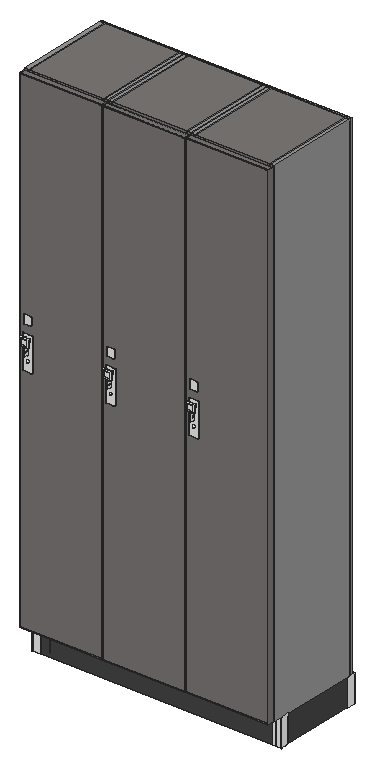
Revit family "Wood_Lockers_Hasps-Salsbury_Industries-41000_Series-3_Wide_Units.rfa", category Specialty Equipment, Revit 2016
Family settings
  Part Type = Normal
  Round Connector Dimension = Use Diameter
  OmniClass Number = 23.40.00.00
  OmniClass Title = Equipment and Furnishings
  Work Plane-Based = No
  Always vertical = Yes
  Cut with Voids When Loaded = No
  Shared = No
  Room Calculation Point = No
Parameters (values of type "41365")
  Width = 36.000"
  Version = "1.0 (01/31/24)"
  Unit Height including Sloping Hood Only [instance] = 77.743"
  Unit Height including Base Only [instance] = 76.000"
  URL = "www.lockers.com"
  Type Comments = "Premier Wood Lockers - Single Tier - with Hasps"
  Total Doors Height [instance] = if(Unit Height = 72.000", 71.750", if(Unit Height = 60.000", 59.750", 0.000"))  # 71.750"
  Sloping Top Corner Filler - Right Side [instance] = Wood Locker Sloping Corner Fillers : None
  Sloping Top Corner Filler - Left Side [instance] = Wood Locker Sloping Corner Fillers : None
  Sloping In-Line Filler - Right Side [instance] = Wood Locker Sloping In-Line Fillers : None
  Sloping In-Line Filler - Left Side = Wood Locker Sloping In-Line Fillers : None
  Sloping Hood Height = if(Depth = 15.000", 5.743", if(Depth = 18.000", 6.868", if(Depth = 21.000", 7.993", if(Depth = 24.000", 9.118", 0.000"))))  # 5.743"
  Sloping Hood [instance] = Wood Locker Sloping Hoods : None
  Side Panel without Slope - Right Side [instance] = Wood Locker Side Panels-No Slope : None
  Side Panel without Slope - Left Side [instance] = Wood Locker Side Panels-No Slope : None
  Side Panel with Slope - Right Side [instance] = Wood Locker Side Panels-With Slope : None
  Side Panel with Slope - Left Side [instance] = Wood Locker Side Panels-With Slope : None
  Secondary Structure Materials = Particle Board Industrial Grade - Salsbury Finish - Black Melamine Overlay
  Primary Structure Materials = Particle Board Industrial Grade - Salsbury Finish - Plain
  Overall Unit Height including Base and Sloping Hood [instance] = 81.743"
  OmniClass 23 Title = "Equipment and Furnishings"
  OmniClass 23 Number = "23.40.00.00"
  Model = "41365"
  MasterFormat Title = "Lockers"
  MasterFormat Code = "10 51 23"
  Manufacturer = "Salsbury Industries"
  Laminate Surface [instance] = Industrial Grade Particleboard with Wood Laminate - Salsbury Finish - Skyline Walnut
  Unit Height = 72.000"
  Interior Material = Textured Melamine - Salsbury Finish - White
  Individual Door Width [instance] = 11.875"
  Hardware = Aluminum - Salsbury Finish - Black Satin
  Front Vertical Filler - Right Side [instance] = Wood Locker Front Fillers : None
  Front Vertical Filler - Left Side [instance] = Wood Locker Front Fillers : None
  Front Corner Filler - Right Side [instance] = Wood Locker Front Corner Filler : None
  Front Corner Filler - Left Side [instance] = Wood Locker Front Corner Filler : None
  Flat Top In-Line Filler - Right Side [instance] = Wood Locker Flat In-Line Fillers : None
  Flat Top In-Line Filler - Left Side [instance] = Wood Locker Flat In-Line Fillers : None
  Flat Top Corner Filler - Right Side [instance] = Wood Locker Flat Corner Fillers : None
  Flat Top Corner Filler - Left Side [instance] = Wood Locker Flat Corner Fillers : None
  Fascia Filler [instance] = Wood Locker Fascia Fillers : None
  Double Side Panel without Slope - Right Side [instance] = Wood Locker Double Side Panels-No Slope : None
  Double Side Panel without Slope - Left Side [instance] = Wood Locker Double Side Panels-No Slope : None
  Double Side Panel with Slope - Right Side [instance] = Wood Locker Double Side Panels-With Slope : None
  Double Side Panel with Slope - Left Side [instance] = Wood Locker Double Side Panels-With Slope : None
  Door Location D1 = Premier Locker Doors_Hasp : Single Tier Door for Six Foot High Locker
  Description = "3 Wide - 6 Feet High - 15 inches Deep - with Base"
  Depth = 15.000"
  Compartment Width [instance] = 10.750"
  Compartment Height [instance] = if(Unit Height = 72.000", 70.500", if(Unit Height = 60.000", 58.500", 0.000"))  # 70.500"
  Compartment Depth [instance] = 13.750"
  Base Material [instance] = Particle Board Industrial Grade - Salsbury Finish - Black Melamine Overlay
  Base Height = 4.000"
  Base Depth [instance] = 13.250"
  Base = Wood Locker Bases : Base - 36" W x 15" D Lockers
  Assembly Code = "C1030310"
Reference planes (in)
  plane 1 "Center (Front/Back)": y = 0
  plane 2: z = 0
  plane 3 "Center (Left/Right)": x = 0
  plane 4 "Right Side of Unit": x = 18
  plane 5 "Left Side of Unit": x = -18
  plane 6 "Back of Unit": y = 7.5
  plane 7 "Front of Unit": y = -7.5
  plane 8 "Bottom of Base": z = 0
  plane 9 "Top Edge of Unit": z = 76
  plane 10 "Top of Base Edge": z = 4
  plane 11: z = 81.743
  plane 12 "Right Compartment 3 Edge": x = 17.406
  plane 13 "Left Compartment 1 Edge": x = -17.406
  plane 14 "Front Melamine Edge": y = -6.5
  plane 15 "Back Compartment Edge": y = 7.281
  plane 16 "Front Compartment Edge": y = -6.469
  plane 17 "Front Edge of Base": y = -5.125
  plane 18 "Bottom Edge of Door": z = 4.125
  plane 19 "Top Edge of Door": z = 75.875
  plane 20 "Bottom Compartment Edge": z = 4.75
  plane 21 "Top Compartment Edge": z = 75.25
  plane 22 "Center Top and Bottom": z = 40
  plane 23 "Left Melamine 1 Edge": x = -17.375
  plane 24 "Right Melamine 3 Edge": x = 17.375
  plane 25 "Back Melamine Edge": y = 7.25
  plane 26 "Left Edge of Door": x = -17.875
  plane 27: y = 8.125
  plane 28: y = -5.75
  plane 29 "Base / Ventillation Alignment": y = 8.125
  plane 30 "Compartment 1-2 Dividing Line": x = -6
  plane 31 "Compartment 2-3 Dividing Line": x = 6
  plane 32 "Right Compartment 1 Edge": x = -6.594
  plane 33 "Right Melamine 1 Edge": x = -6.625
  plane 34 "Left Compartment 2 Edge": x = -5.406
  plane 35 "Left Melamine 2 Edge": x = -5.375
  plane 36 "Right Compartment 2 Edge": x = 5.406
  plane 37 "Right Melamine 2 Edge": x = 5.375
  plane 38 "Left Compartment 3 Edge": x = 6.594
  plane 39 "Left Melamine 3 Edge": x = 6.625
  plane 40 "Compartment Shelf-top": z = 64.125
  plane 41 "Compartment Shelf-bottom": z = 63.375
  plane 42 "Compartment Extrusion Guide": z = 3.5
  plane 43 "Vertical Center of Compartment 1": x = -12
  plane 44 "Vertical Center of Compartment 3": x = 12
  plane 45: z = 75.281
  plane 46: z = 4.719
  plane 47: z = 63.406
  plane 48: z = 64.094
  plane 49 "Top of 5" Shelf": z = 58.875
  plane 50 "Bottom of 5" Shelf": z = 58.125
  plane 51 "Top of Shoe Shelf": z = 13.75
  plane 52 "Bottom of Shoe Shelf": z = 13
  plane 53 "Front of 5" Shelf": y = 2.25
  plane 54: y = 2.281
  plane 55: z = 58.844
  plane 56: z = 58.156
  plane 57: y = -4.469
  plane 58 "Front of Shoe Shelf": y = -4.5
Forms (in)
  Extrusion 1, solid, material "Particle Board Industrial Grade - Salsbury Finish - Plain" <- "Primary Structure Materials"
    sketch origin (18, 0, 0) x (0, -1, 0) y (0, 0, 1)
      loop
        line (6.469, 76) -> (-7.25, 76) -> (-7.25, 4) -> (6.469, 4) -> (6.469, 76)
    from 0 to 0.594
  Extrusion 2, solid, material "Particle Board Industrial Grade - Salsbury Finish - Plain" <- "Primary Structure Materials"
    sketch origin (-18, 0, 0) x (0, -1, 0) y (0, 0, 1)
      loop
        line (-7.25, 76) -> (-7.25, 4) -> (6.469, 4) -> (6.469, 76) -> (-7.25, 76)
    from 0 to -0.594
  Extrusion 3, solid, material "Particle Board Industrial Grade - Salsbury Finish - Black Melamine Overlay" <- "Secondary Structure Materials"
    sketch origin (0, 0, 4) x (0, -1, 0) y (1, 0, 0)
      loop
        line (-7.25, -17.375) -> (6.469, -17.375) -> (6.469, 17.375) -> (-7.25, 17.375) -> (-7.25, -17.375)
    from 0 to 0.719
  Extrusion 4, solid, material "Industrial Grade Particleboard with Wood Laminate - Salsbury Finish - Skyline Walnut" <- "Laminate Surface"
    sketch origin (0, 0, 76) x (0, -1, 0) y (1, 0, 0)
      loop
        line (-7.25, -17.375) -> (6.469, -17.375) -> (6.469, 17.375) -> (-7.25, 17.375) -> (-7.25, -17.375)
    from 0 to -0.75
  Extrusion 5, solid, material "Particle Board Industrial Grade - Salsbury Finish - Plain" <- "Primary Structure Materials"
    sketch origin (0, 7.5, 0) x (1, 0, 0) y (0, 0, 1)
      loop
        line (-18, 76) -> (-18, 4) -> (18, 4) -> (18, 76) -> (-18, 76)
    from 0 to 0.219
  Extrusion 6, solid, material "Industrial Grade Particleboard with Wood Laminate - Salsbury Finish - Skyline Walnut" <- "Laminate Surface"
    sketch origin (0, -6.469, 0) x (1, 0, 0) y (0, 0, 1)
      loop
        line (-18, 76) -> (-18, 4) -> (-17.375, 4) -> (-17.375, 76) -> (-18, 76)
    from 0 to 0.031
  Extrusion 7, solid, material "Industrial Grade Particleboard with Wood Laminate - Salsbury Finish - Skyline Walnut" <- "Laminate Surface"
    sketch origin (0, -6.469, 0) x (-1, 0, 0) y (0, 0, -1)
      loop
        line (-18, -76) -> (-17.375, -76) -> (-17.375, -4) -> (-18, -4) -> (-18, -76)
    from 0 to 0.031
  Extrusion 8, solid, material "Textured Melamine - Salsbury Finish - White" <- "Interior Material"
    sketch origin (0, 7.25, 0) x (1, 0, 0) y (0, 0, 1)
      loop
        line (-18, 76) -> (-18, 4) -> (18, 4) -> (18, 76) -> (-18, 76)
    from -0.031 to 0
  Extrusion 9, solid, material "Textured Melamine - Salsbury Finish - White" <- "Interior Material"
    sketch origin (-17.406, 0, 0) x (0, -1, 0) y (0, 0, 1)
      loop
        line (-7.25, 76) -> (-7.25, 4) -> (6.469, 4) -> (6.469, 76) -> (-7.25, 76)
    from 0 to -0.031
  Extrusion 10, solid, material "Textured Melamine - Salsbury Finish - White" <- "Interior Material"
    sketch origin (17.406, 0, 0) x (0, -1, 0) y (0, 0, 1)
      loop
        line (6.469, 76) -> (-7.25, 76) -> (-7.25, 4) -> (6.469, 4) -> (6.469, 76)
    from 0 to 0.031
  Extrusion 11, solid, material "Particle Board Industrial Grade - Salsbury Finish - Plain" <- "Primary Structure Materials", detail levels fine
    sketch origin (0, 0, 64.125) x (0, -1, 0) y (1, 0, 0)
      loop
        line (-7.25, -17.375) -> (6.469, -17.375) -> (6.469, 17.375) -> (-7.25, 17.375) -> (-7.25, -17.375)
    from -0.031 to -0.719
  Extrusion 12, void
    sketch origin (0, 0, 76) x (0, -1, 0) y (1, 0, 0)
      loop
        line (-7.25, -6.625) -> (6.5, -6.625) -> (6.5, -5.375) -> (-7.25, -5.375) -> (-7.25, -6.625)
    from -72.5 to 0
  Extrusion 13, void
    sketch origin (12, 0, 76) x (0, -1, 0) y (1, 0, 0)
      loop
        line (-7.25, -6.625) -> (6.5, -6.625) -> (6.5, -5.375) -> (-7.25, -5.375) -> (-7.25, -6.625)
    from -72.5 to 0
  Extrusion 14, solid, material "Particle Board Industrial Grade - Salsbury Finish - Plain" <- "Primary Structure Materials"
    sketch origin (6.0625, 0, 0) x (0, -1, 0) y (0, 0, 1)
      loop
        line (6.469, 76) -> (-7.25, 76) -> (-7.25, 4) -> (6.469, 4) -> (6.469, 76)
    from 0.0625 to 0.6565
  Extrusion 15, solid, material "Textured Melamine - Salsbury Finish - White" <- "Interior Material"
    sketch origin (5.4685, 0, 0) x (0, -1, 0) y (0, 0, 1)
      loop
        line (6.469, 76) -> (-7.25, 76) -> (-7.25, 4) -> (6.469, 4) -> (6.469, 76)
    from 0.0625 to 0.0935
  Extrusion 16, solid, material "Particle Board Industrial Grade - Salsbury Finish - Plain" <- "Primary Structure Materials"
    sketch origin (-5.9375, 0, 0) x (0, -1, 0) y (0, 0, 1)
      loop
        line (6.469, 76) -> (-7.25, 76) -> (-7.25, 4) -> (6.469, 4) -> (6.469, 76)
    from 0.0625 to 0.6565
  Extrusion 17, solid, material "Textured Melamine - Salsbury Finish - White" <- "Interior Material"
    sketch origin (-6.5315, 0, 0) x (0, -1, 0) y (0, 0, 1)
      loop
        line (6.469, 76) -> (-7.25, 76) -> (-7.25, 4) -> (6.469, 4) -> (6.469, 76)
    from 0.0625 to 0.0935
  Extrusion 18, solid, material "Particle Board Industrial Grade - Salsbury Finish - Plain" <- "Primary Structure Materials"
    sketch origin (-5.9375, 0, 0) x (0, -1, 0) y (0, 0, 1)
      loop
        line (-7.25, 76) -> (-7.25, 4) -> (6.469, 4) -> (6.469, 76) -> (-7.25, 76)
    from 0.0625 to -0.5315
  Extrusion 19, solid, material "Textured Melamine - Salsbury Finish - White" <- "Interior Material"
    sketch origin (-5.3435, 0, 0) x (0, -1, 0) y (0, 0, 1)
      loop
        line (-7.25, 76) -> (-7.25, 4) -> (6.469, 4) -> (6.469, 76) -> (-7.25, 76)
    from 0.0625 to 0.0315
  Extrusion 20, solid, material "Particle Board Industrial Grade - Salsbury Finish - Plain" <- "Primary Structure Materials"
    sketch origin (6.0625, 0, 0) x (0, -1, 0) y (0, 0, 1)
      loop
        line (-7.25, 76) -> (-7.25, 4) -> (6.469, 4) -> (6.469, 76) -> (-7.25, 76)
    from 0.0625 to -0.5315
  Extrusion 21, solid, material "Textured Melamine - Salsbury Finish - White" <- "Interior Material"
    sketch origin (6.6565, 0, 0) x (0, -1, 0) y (0, 0, 1)
      loop
        line (-7.25, 76) -> (-7.25, 4) -> (6.469, 4) -> (6.469, 76) -> (-7.25, 76)
    from 0.0625 to 0.0315
  Extrusion 22, solid, material "Industrial Grade Particleboard with Wood Laminate - Salsbury Finish - Skyline Walnut" <- "Laminate Surface"
    sketch origin (11.375, -6.469, 0) x (1, 0, 0) y (0, 0, 1)
      loop
        line (-18, 76) -> (-18, 4) -> (-16.75, 4) -> (-16.75, 76) -> (-18, 76)
    from 0 to 0.031
  Extrusion 23, solid, material "Industrial Grade Particleboard with Wood Laminate - Salsbury Finish - Skyline Walnut" <- "Laminate Surface"
    sketch origin (23.375, -6.469, 0) x (1, 0, 0) y (0, 0, 1)
      loop
        line (-18, 76) -> (-18, 4) -> (-16.75, 4) -> (-16.75, 76) -> (-18, 76)
    from 0 to 0.031
  Extrusion 24, solid, material "Industrial Grade Particleboard with Wood Laminate - Salsbury Finish - Skyline Walnut" <- "Laminate Surface"
    sketch origin (0, -6.5, 0) x (1, 0, 0) y (0, 0, 1)
      loop
        line (-17.375, 76) -> (-17.375, 75.25) -> (-6.625, 75.25) -> (-6.625, 76) -> (-17.375, 76)
      loop
        line (-5.375, 76) -> (-5.375, 75.25) -> (5.375, 75.25) -> (5.375, 76) -> (-5.375, 76)
      loop
        line (6.625, 76) -> (6.625, 75.25) -> (17.375, 75.25) -> (17.375, 76) -> (6.625, 76)
    from -0.031 to 0
  Extrusion 25, solid, material "Industrial Grade Particleboard with Wood Laminate - Salsbury Finish - Skyline Walnut" <- "Laminate Surface"
    sketch origin (0, -6.5, -11.875) x (1, 0, 0) y (0, 0, 1)
      loop
        line (-17.375, 76) -> (-17.375, 75.25) -> (-6.625, 75.25) -> (-6.625, 76) -> (-17.375, 76)
      loop
        line (-5.375, 76) -> (-5.375, 75.25) -> (5.375, 75.25) -> (5.375, 76) -> (-5.375, 76)
      loop
        line (6.625, 76) -> (6.625, 75.25) -> (17.375, 75.25) -> (17.375, 76) -> (6.625, 76)
    from -0.031 to 0
  Extrusion 26, solid, material "Industrial Grade Particleboard with Wood Laminate - Salsbury Finish - Skyline Walnut" <- "Laminate Surface"
    sketch origin (0, -6.5, -71.25) x (1, 0, 0) y (0, 0, 1)
      loop
        line (-17.375, 76) -> (-17.375, 75.25) -> (-6.625, 75.25) -> (-6.625, 76) -> (-17.375, 76)
      loop
        line (-5.375, 76) -> (-5.375, 75.25) -> (5.375, 75.25) -> (5.375, 76) -> (-5.375, 76)
      loop
        line (6.625, 76) -> (6.625, 75.25) -> (17.375, 75.25) -> (17.375, 76) -> (6.625, 76)
    from -0.031 to 0
  Extrusion 27, solid, material "Textured Melamine - Salsbury Finish - White" <- "Interior Material"
    sketch origin (0, 0, 4.75) x (0, -1, 0) y (1, 0, 0)
      loop
        line (-7.25, -17.375) -> (6.469, -17.375) -> (6.469, 17.375) -> (-7.25, 17.375) -> (-7.25, -17.375)
    from -0.031 to 0
  Extrusion 28, solid, material "Textured Melamine - Salsbury Finish - White" <- "Interior Material"
    sketch origin (0, 0, 64.125) x (0, -1, 0) y (1, 0, 0)
      loop
        line (-7.25, -17.375) -> (6.469, -17.375) -> (6.469, 17.375) -> (-7.25, 17.375) -> (-7.25, -17.375)
    from -0.031 to 0
  Extrusion 29, solid, material "Textured Melamine - Salsbury Finish - White" <- "Interior Material"
    sketch origin (0, 0, 63.375) x (0, -1, 0) y (1, 0, 0)
      loop
        line (-7.25, -17.375) -> (6.469, -17.375) -> (6.469, 17.375) -> (-7.25, 17.375) -> (-7.25, -17.375)
    from 0 to 0.031
  Extrusion 30, solid, material "Particle Board Industrial Grade - Salsbury Finish - Plain" <- "Primary Structure Materials", detail levels fine
    sketch origin (0, 0, 58.875) x (0, -1, 0) y (1, 0, 0)
      loop
        line (-7.25, -17.375) -> (-2.281, -17.375) -> (-2.281, 17.375) -> (-7.25, 17.375) -> (-7.25, -17.375)
    from -0.031 to -0.719
  Extrusion 31, solid, material "Industrial Grade Particleboard with Wood Laminate - Salsbury Finish - Skyline Walnut" <- "Laminate Surface"
    sketch origin (0, 2.25, 0) x (1, 0, 0) y (0, 0, 1)
      loop
        line (-17.375, 58.875) -> (-17.375, 58.125) -> (-6.625, 58.125) -> (-6.625, 58.875) -> (-17.375, 58.875)
      loop
        line (-5.375, 58.875) -> (-5.375, 58.125) -> (5.375, 58.125) -> (5.375, 58.875) -> (-5.375, 58.875)
      loop
        line (6.625, 58.875) -> (6.625, 58.125) -> (17.375, 58.125) -> (17.375, 58.875) -> (6.625, 58.875)
    from -0.031 to 0
  Extrusion 32, solid, material "Textured Melamine - Salsbury Finish - White" <- "Interior Material"
    sketch origin (0, 0, 58.875) x (0, -1, 0) y (1, 0, 0)
      loop
        line (-7.25, -17.375) -> (-2.281, -17.375) -> (-2.281, 17.375) -> (-7.25, 17.375) -> (-7.25, -17.375)
    from -0.031 to 0
  Extrusion 33, solid, material "Textured Melamine - Salsbury Finish - White" <- "Interior Material"
    sketch origin (0, 0, 58.125) x (0, -1, 0) y (1, 0, 0)
      loop
        line (-7.25, -17.375) -> (-2.281, -17.375) -> (-2.281, 17.375) -> (-7.25, 17.375) -> (-7.25, -17.375)
    from 0 to 0.031
  Extrusion 34, solid, material "Particle Board Industrial Grade - Salsbury Finish - Black Melamine Overlay" <- "Secondary Structure Materials", detail levels fine
    sketch origin (0, 0, 13.75) x (0, -1, 0) y (1, 0, 0)
      loop
        line (-7.25, -17.375) -> (4.469, -17.375) -> (4.469, 17.375) -> (-7.25, 17.375) -> (-7.25, -17.375)
    from -0.031 to -0.719
  Extrusion 35, solid, material "Industrial Grade Particleboard with Wood Laminate - Salsbury Finish - Skyline Walnut" <- "Laminate Surface"
    sketch origin (0, -4.5, 0) x (1, 0, 0) y (0, 0, 1)
      loop
        line (-17.375, 13.75) -> (-17.375, 13) -> (-6.625, 13) -> (-6.625, 13.75) -> (-17.375, 13.75)
      loop
        line (-5.375, 13.75) -> (-5.375, 13) -> (5.375, 13) -> (5.375, 13.75) -> (-5.375, 13.75)
      loop
        line (6.625, 13.75) -> (6.625, 13) -> (17.375, 13) -> (17.375, 13.75) -> (6.625, 13.75)
    from -0.031 to 0
  Extrusion 36, solid, material "Textured Melamine - Salsbury Finish - White" <- "Interior Material"
    sketch origin (0, 0, 13.75) x (0, -1, 0) y (1, 0, 0)
      loop
        line (-7.25, -17.375) -> (4.469, -17.375) -> (4.469, 17.375) -> (-7.25, 17.375) -> (-7.25, -17.375)
    from -0.031 to 0
  Extrusion 37, solid, material "Textured Melamine - Salsbury Finish - White" <- "Interior Material"
    sketch origin (0, 0, 13) x (0, -1, 0) y (1, 0, 0)
      loop
        line (-7.25, -17.375) -> (4.469, -17.375) -> (4.469, 17.375) -> (-7.25, 17.375) -> (-7.25, -17.375)
    from 0 to 0.031
Cuts and joins
  Extrusion 12, Extrusion 13 cuts Extrusion 4
  Extrusion 12, Extrusion 13 cuts Extrusion 11
  Extrusion 12, Extrusion 13 cuts Extrusion 3
  Extrusion 13 cuts Extrusion 8
Lines and regions (in)
  symbolic lines
    curve 1: line (-18, 7.25, 76) -> (18.00006, 7.25, 76)
    curve 2: line (-18, 7.25, 0) -> (-18, 7.25, 76)
    curve 3: line (18.00006, 7.25, 76) -> (18.00006, 7.25, 0)
    curve 4: line (17.406, -6.5, 76) -> (17.406, 8.125, 76)
    curve 5: line (17.406, -6.5, 0) -> (17.406, -6.5, 76)
    curve 6: line (17.406, 8.125, 76) -> (17.406, 8.125, 0)
    curve 7: line (18.00006, 7.25, 0) -> (-18, 7.25, 0)
    curve 8: line (17.406, -5.125, 0) -> (17.406, 8.125, 0)
    curve 9: line (17.406, 8.125, 0) -> (17.406, -5.125, 0)
    curve 10: line (17.406, -6.5, 0) -> (17.406, 8.125, 0)
    curve 11: line (-18, 8.125, 0) -> (18, 8.125, 0)
    curve 12: line (-18, -6.5, 0) -> (-18, 8.125, 0)
    curve 13: line (18, -6.5, 0) -> (-18, -6.5, 0)
    curve 14: line (18, 8.125, 0) -> (18, -6.5, 0)
Dimensions and locks (in)
  equal spacing: plane 5 "Left Side of Unit", plane 43 "Vertical Center of Compartment 1", plane 30 "Compartment 1-2 Dividing Line", plane 3 "Center (Left/Right)", plane 31 "Compartment 2-3 Dividing Line", plane 44 "Vertical Center of Compartment 3", plane 4 "Right Side of Unit"
  "Width": plane 5 "Left Side of Unit" to plane 4 "Right Side of Unit"
  equal spacing: plane 7 "Front of Unit", plane 1 "Center (Front/Back)", plane 6 "Back of Unit"
  "Depth": plane 7 "Front of Unit" to plane 6 "Back of Unit"
  "Base Height": plane 10 "Top of Base Edge" to plane 8 "Bottom of Base"
  "Unit Height": plane 9 "Top Edge of Unit" to plane 10 "Top of Base Edge"
  "Sloping Hood Height": plane 11 to plane 9 "Top Edge of Unit"
  locked: plane 12 "Right Compartment 3 Edge" to plane 4 "Right Side of Unit" at 0.594
  locked: plane 5 "Left Side of Unit" to plane 13 "Left Compartment 1 Edge" at 0.594
  locked: plane 7 "Front of Unit" to plane 14 "Front Melamine Edge" at 1
  locked: plane 15 "Back Compartment Edge" to plane 6 "Back of Unit" at 0.219
  locked: plane 14 "Front Melamine Edge" to plane 16 "Front Compartment Edge" at 0.031
  plane 18 "Bottom Edge of Door" to plane 10 "Top of Base Edge" = 0.125"
  plane 9 "Top Edge of Unit" to plane 19 "Top Edge of Door" = 0.125"
  plane 20 "Bottom Compartment Edge" to plane 10 "Top of Base Edge" = 0.750"
  plane 9 "Top Edge of Unit" to plane 21 "Top Compartment Edge" = 0.750"
  equal spacing: plane 9 "Top Edge of Unit", plane 22 "Center Top and Bottom", plane 10 "Top of Base Edge"
  locked: plane 24 "Right Melamine 3 Edge" to plane 12 "Right Compartment 3 Edge" at 0.031
  locked: plane 13 "Left Compartment 1 Edge" to plane 23 "Left Melamine 1 Edge" at 0.031
  locked: plane 25 "Back Melamine Edge" to plane 15 "Back Compartment Edge" at 0.031
  locked: plane 5 "Left Side of Unit" to plane 26 "Left Edge of Door" at 0.125
  "Individual Door Width": plane 26 "Left Edge of Door" to plane 30 "Compartment 1-2 Dividing Line"
  "Total Doors Height": plane 19 "Top Edge of Door" to plane 18 "Bottom Edge of Door"
  "Unit Height including Base Only": plane 9 "Top Edge of Unit" to plane 8 "Bottom of Base"
  "Unit Height including Sloping Hood Only": plane 11 to plane 10 "Top of Base Edge"
  "Overall Unit Height including Base and Sloping Hood": plane 11 to plane 8 "Bottom of Base"
  locked: plane 7 "Front of Unit" to plane 17 "Front Edge of Base" at 2.375
  locked: plane 6 "Back of Unit" to plane 27 at 0.625
  "Base Depth": plane 17 "Front Edge of Base" to plane 27
  "Compartment Width": plane 23 "Left Melamine 1 Edge" to plane 33 "Right Melamine 1 Edge"
  "Compartment Height": plane 21 "Top Compartment Edge" to plane 20 "Bottom Compartment Edge"
  "Compartment Depth": plane 14 "Front Melamine Edge" to plane 25 "Back Melamine Edge"
  locked: plane 14 "Front Melamine Edge" to plane 28 at 0.75
  plane 14 "Front Melamine Edge" to plane 27 = 14.625"
  Extrusion 2 to Extrusion 9 = 13.719"
  plane 6 "Back of Unit" to plane 29 "Base / Ventillation Alignment" = 0.625"
  plane 32 "Right Compartment 1 Edge" to plane 30 "Compartment 1-2 Dividing Line" to plane 34 "Left Compartment 2 Edge" = 0.594" locked, 0.594" locked
  plane 36 "Right Compartment 2 Edge" to plane 31 "Compartment 2-3 Dividing Line" to plane 38 "Left Compartment 3 Edge" = 0.594" locked, 0.594" locked
  locked: plane 37 "Right Melamine 2 Edge" to plane 36 "Right Compartment 2 Edge" at 0.031
  locked: plane 38 "Left Compartment 3 Edge" to plane 39 "Left Melamine 3 Edge" at 0.031
  locked: plane 34 "Left Compartment 2 Edge" to plane 35 "Left Melamine 2 Edge" at 0.031
  locked: plane 33 "Right Melamine 1 Edge" to plane 32 "Right Compartment 1 Edge" at 0.031
  locked: plane 21 "Top Compartment Edge" to plane 40 "Compartment Shelf-top" at 11.125
  locked: plane 40 "Compartment Shelf-top" to plane 41 "Compartment Shelf-bottom" at 0.75
  locked: plane 10 "Top of Base Edge" to plane 42 "Compartment Extrusion Guide" at 0.5
  plane 45 to plane 21 "Top Compartment Edge" = 0.031"
  locked: plane 20 "Bottom Compartment Edge" to plane 46 at 0.031
  plane 40 "Compartment Shelf-top" to plane 48 = 0.031"
  locked: plane 47 to plane 41 "Compartment Shelf-bottom" at 0.031
  locked: plane 41 "Compartment Shelf-bottom" to plane 49 "Top of 5" Shelf" at 4.5
  locked: plane 49 "Top of 5" Shelf" to plane 50 "Bottom of 5" Shelf" at 0.75
  locked: plane 53 "Front of 5" Shelf" to plane 25 "Back Melamine Edge" at 5
  locked: plane 53 "Front of 5" Shelf" to plane 54 at 0.031
  locked: plane 49 "Top of 5" Shelf" to plane 55 at 0.031
  locked: plane 56 to plane 50 "Bottom of 5" Shelf" at 0.031
  locked: plane 58 "Front of Shoe Shelf" to plane 25 "Back Melamine Edge" at 11.75
  locked: plane 58 "Front of Shoe Shelf" to plane 57 at 0.031
  plane 51 "Top of Shoe Shelf" to plane 52 "Bottom of Shoe Shelf" = 0.750"
  locked: plane 52 "Bottom of Shoe Shelf" to plane 20 "Bottom Compartment Edge" at 8.25
  aligned and locked: level to plane 2
  aligned and locked: plane 15 "Back Compartment Edge" to Extrusion 5
  aligned and locked: plane 4 "Right Side of Unit" to nested 1
  aligned and locked: plane 18 "Bottom Edge of Door" to nested 1
  aligned and locked: plane 7 "Front of Unit" to nested 1
  aligned and locked: plane 9 "Top Edge of Unit" to nested 2
  aligned and locked: plane 28 to nested 2
  aligned and locked: nested 3 to plane 28
  aligned and locked: plane 5 "Left Side of Unit" to nested 3
  aligned and locked: plane 4 "Right Side of Unit" to nested 2
  aligned and locked: nested 3 to plane 9 "Top Edge of Unit"
  aligned and locked: plane 14 "Front Melamine Edge" to nested 4
  aligned and locked: plane 4 "Right Side of Unit" to nested 4
  aligned and locked: plane 14 "Front Melamine Edge" to nested 5
  aligned and locked: plane 5 "Left Side of Unit" to nested 5
  aligned and locked: nested 4 to plane 8 "Bottom of Base"
  aligned and locked: nested 5 to plane 8 "Bottom of Base"
  aligned and locked: nested 6 to plane 5 "Left Side of Unit"
  aligned and locked: nested 7 to plane 4 "Right Side of Unit"
  aligned and locked: nested 7 to plane 14 "Front Melamine Edge"
  aligned and locked: nested 6 to plane 14 "Front Melamine Edge"
  aligned and locked: plane 8 "Bottom of Base" to nested 7
  aligned and locked: nested 6 to plane 8 "Bottom of Base"
  aligned and locked: plane 17 "Front Edge of Base" to nested 8
  aligned and locked: nested 10 to plane 9 "Top Edge of Unit"
  aligned and locked: plane 4 "Right Side of Unit" to nested 10
  aligned and locked: nested 9 to plane 9 "Top Edge of Unit"
  aligned and locked: plane 5 "Left Side of Unit" to nested 9
  aligned and locked: nested 10 to plane 28
  aligned and locked: nested 9 to plane 28
  aligned and locked: plane 8 "Bottom of Base" to nested 8
  aligned and locked: plane 3 "Center (Left/Right)" to nested 8
  aligned and locked: plane 25 "Back Melamine Edge" to Extrusion 3 sketch curve
  aligned and locked: Extrusion 3 sketch curve to plane 23 "Left Melamine 1 Edge"
  aligned and locked: plane 24 "Right Melamine 3 Edge" to Extrusion 3 sketch curve
  aligned and locked: plane 25 "Back Melamine Edge" to Extrusion 4 sketch curve
  aligned and locked: plane 24 "Right Melamine 3 Edge" to Extrusion 4 sketch curve
  aligned and locked: Extrusion 4 sketch curve to plane 23 "Left Melamine 1 Edge"
  aligned and locked: Extrusion 2 sketch curve to plane 9 "Top Edge of Unit"
  aligned and locked: plane 16 "Front Compartment Edge" to Extrusion 2 sketch curve
  aligned and locked: Extrusion 2 sketch curve to plane 25 "Back Melamine Edge"
  aligned and locked: plane 10 "Top of Base Edge" to Extrusion 2 sketch curve
  aligned and locked: Extrusion 2 to plane 13 "Left Compartment 1 Edge"
  aligned and locked: plane 5 "Left Side of Unit" to Extrusion 2
  aligned and locked: plane 10 "Top of Base Edge" to Extrusion 9 sketch curve
  aligned and locked: Extrusion 9 sketch curve to plane 25 "Back Melamine Edge"
  aligned and locked: Extrusion 9 sketch curve to plane 9 "Top Edge of Unit"
  aligned and locked: Extrusion 1 sketch curve to plane 16 "Front Compartment Edge"
  aligned and locked: plane 9 "Top Edge of Unit" to Extrusion 1 sketch curve
  aligned and locked: Extrusion 1 sketch curve to plane 10 "Top of Base Edge"
  aligned and locked: plane 25 "Back Melamine Edge" to Extrusion 1 sketch curve
  aligned and locked: Extrusion 1 to plane 4 "Right Side of Unit"
  aligned and locked: plane 12 "Right Compartment 3 Edge" to Extrusion 1
  aligned and locked: Extrusion 10 sketch curve to plane 10 "Top of Base Edge"
  aligned and locked: plane 25 "Back Melamine Edge" to Extrusion 10 sketch curve
  aligned and locked: Extrusion 10 sketch curve to plane 16 "Front Compartment Edge"
  aligned and locked: plane 9 "Top Edge of Unit" to Extrusion 10 sketch curve
  aligned and locked: Extrusion 10 to plane 12 "Right Compartment 3 Edge"
  aligned and locked: plane 24 "Right Melamine 3 Edge" to Extrusion 10
  aligned and locked: Extrusion 8 sketch curve to plane 10 "Top of Base Edge"
  aligned and locked: plane 4 "Right Side of Unit" to Extrusion 8 sketch curve
  aligned and locked: plane 9 "Top Edge of Unit" to Extrusion 8 sketch curve
  aligned and locked: Extrusion 8 sketch curve to plane 5 "Left Side of Unit"
  aligned and locked: Extrusion 8 to plane 15 "Back Compartment Edge"
  aligned and locked: plane 25 "Back Melamine Edge" to Extrusion 8
  aligned and locked: plane 9 "Top Edge of Unit" to Extrusion 5 sketch curve
  aligned and locked: Extrusion 5 sketch curve to plane 5 "Left Side of Unit"
  aligned and locked: Extrusion 5 sketch curve to plane 10 "Top of Base Edge"
  aligned and locked: plane 4 "Right Side of Unit" to Extrusion 5 sketch curve
  aligned and locked: Extrusion 7 sketch curve to plane 9 "Top Edge of Unit"
  aligned and locked: Extrusion 7 sketch curve to plane 4 "Right Side of Unit"
  aligned and locked: plane 24 "Right Melamine 3 Edge" to Extrusion 7 sketch curve
  aligned and locked: plane 10 "Top of Base Edge" to Extrusion 7 sketch curve
  aligned and locked: Extrusion 7 to plane 16 "Front Compartment Edge"
  aligned and locked: plane 14 "Front Melamine Edge" to Extrusion 7
  aligned and locked: Extrusion 6 sketch curve to plane 10 "Top of Base Edge"
  aligned and locked: plane 23 "Left Melamine 1 Edge" to Extrusion 6 sketch curve
  aligned and locked: Extrusion 6 sketch curve to plane 5 "Left Side of Unit"
  aligned and locked: plane 9 "Top Edge of Unit" to Extrusion 6 sketch curve
  aligned and locked: Extrusion 6 to plane 16 "Front Compartment Edge"
  aligned and locked: Extrusion 6 to plane 14 "Front Melamine Edge"
  aligned and locked: plane 16 "Front Compartment Edge" to Extrusion 9
  aligned and locked: plane 13 "Left Compartment 1 Edge" to Extrusion 9
  aligned and locked: curve 2 to nested 5
  aligned and locked: nested 4 to curve 5
  aligned and locked: curve 9 to nested 8
  aligned and locked: curve 10 to nested 4
  aligned and locked: curve 13 to plane 14 "Front Melamine Edge"
  aligned and locked: curve 12 to plane 5 "Left Side of Unit"
  aligned and locked: plane 29 "Base / Ventillation Alignment" to curve 11
  aligned and locked: plane 29 "Base / Ventillation Alignment" to curve 6
  aligned and locked: plane 14 "Front Melamine Edge" to nested 11
  aligned and locked: plane 9 "Top Edge of Unit" to nested 11
  aligned and locked: plane 3 "Center (Left/Right)" to nested 11
  aligned and locked: plane 25 "Back Melamine Edge" to Extrusion 11 sketch curve
  aligned and locked: Extrusion 11 sketch curve to plane 23 "Left Melamine 1 Edge"
  aligned and locked: plane 24 "Right Melamine 3 Edge" to Extrusion 11 sketch curve
  aligned and locked: Extrusion 12 sketch curve to plane 25 "Back Melamine Edge"
  aligned and locked: plane 33 "Right Melamine 1 Edge" to Extrusion 12 sketch curve
  aligned and locked: plane 14 "Front Melamine Edge" to Extrusion 12 sketch curve
  aligned and locked: Extrusion 12 sketch curve to plane 35 "Left Melamine 2 Edge"
  aligned and locked: Extrusion 12 to plane 9 "Top Edge of Unit"
  aligned and locked: plane 42 "Compartment Extrusion Guide" to Extrusion 12
  aligned and locked: Extrusion 13 sketch curve to plane 37 "Right Melamine 2 Edge"
  aligned and locked: plane 39 "Left Melamine 3 Edge" to Extrusion 13 sketch curve
  aligned and locked: plane 25 "Back Melamine Edge" to Extrusion 13 sketch curve
  aligned and locked: Extrusion 13 sketch curve to plane 14 "Front Melamine Edge"
  aligned and locked: plane 42 "Compartment Extrusion Guide" to Extrusion 13
  aligned and locked: Extrusion 13 to plane 9 "Top Edge of Unit"
  aligned and locked: plane 9 "Top Edge of Unit" to Extrusion 14 sketch curve
  aligned and locked: plane 25 "Back Melamine Edge" to Extrusion 14 sketch curve
  aligned and locked: Extrusion 14 sketch curve to plane 10 "Top of Base Edge"
  aligned and locked: Extrusion 14 sketch curve to plane 16 "Front Compartment Edge"
  aligned and locked: plane 36 "Right Compartment 2 Edge" to Extrusion 14
  aligned and locked: Extrusion 14 to plane 31 "Compartment 2-3 Dividing Line"
  aligned and locked: plane 25 "Back Melamine Edge" to Extrusion 15 sketch curve
  aligned and locked: plane 9 "Top Edge of Unit" to Extrusion 15 sketch curve
  aligned and locked: Extrusion 15 sketch curve to plane 10 "Top of Base Edge"
  aligned and locked: Extrusion 15 sketch curve to plane 16 "Front Compartment Edge"
  aligned and locked: Extrusion 15 to plane 36 "Right Compartment 2 Edge"
  aligned and locked: plane 37 "Right Melamine 2 Edge" to Extrusion 15
  aligned and locked: plane 25 "Back Melamine Edge" to Extrusion 16 sketch curve
  aligned and locked: plane 9 "Top Edge of Unit" to Extrusion 16 sketch curve
  aligned and locked: Extrusion 16 sketch curve to plane 10 "Top of Base Edge"
  aligned and locked: Extrusion 16 sketch curve to plane 16 "Front Compartment Edge"
  aligned and locked: plane 32 "Right Compartment 1 Edge" to Extrusion 16
  aligned and locked: Extrusion 16 to plane 30 "Compartment 1-2 Dividing Line"
  aligned and locked: plane 25 "Back Melamine Edge" to Extrusion 17 sketch curve
  aligned and locked: plane 9 "Top Edge of Unit" to Extrusion 17 sketch curve
  aligned and locked: Extrusion 17 sketch curve to plane 10 "Top of Base Edge"
  aligned and locked: Extrusion 17 sketch curve to plane 16 "Front Compartment Edge"
  aligned and locked: Extrusion 17 to plane 32 "Right Compartment 1 Edge"
  aligned and locked: plane 33 "Right Melamine 1 Edge" to Extrusion 17
  aligned and locked: plane 10 "Top of Base Edge" to Extrusion 18 sketch curve
  aligned and locked: plane 16 "Front Compartment Edge" to Extrusion 18 sketch curve
  aligned and locked: Extrusion 18 sketch curve to plane 25 "Back Melamine Edge"
  aligned and locked: Extrusion 18 sketch curve to plane 9 "Top Edge of Unit"
  aligned and locked: Extrusion 18 to plane 34 "Left Compartment 2 Edge"
  aligned and locked: plane 30 "Compartment 1-2 Dividing Line" to Extrusion 18
  aligned and locked: Extrusion 19 sketch curve to plane 25 "Back Melamine Edge"
  aligned and locked: Extrusion 19 sketch curve to plane 9 "Top Edge of Unit"
  aligned and locked: plane 10 "Top of Base Edge" to Extrusion 19 sketch curve
  aligned and locked: plane 16 "Front Compartment Edge" to Extrusion 19 sketch curve
  aligned and locked: Extrusion 19 to plane 35 "Left Melamine 2 Edge"
  aligned and locked: plane 34 "Left Compartment 2 Edge" to Extrusion 19
  aligned and locked: plane 16 "Front Compartment Edge" to Extrusion 20 sketch curve
  aligned and locked: plane 10 "Top of Base Edge" to Extrusion 20 sketch curve
  aligned and locked: Extrusion 20 sketch curve to plane 9 "Top Edge of Unit"
  aligned and locked: Extrusion 20 sketch curve to plane 25 "Back Melamine Edge"
  aligned and locked: plane 31 "Compartment 2-3 Dividing Line" to Extrusion 20
  aligned and locked: Extrusion 20 to plane 38 "Left Compartment 3 Edge"
  aligned and locked: Extrusion 21 sketch curve to plane 25 "Back Melamine Edge"
  aligned and locked: Extrusion 21 sketch curve to plane 9 "Top Edge of Unit"
  aligned and locked: plane 10 "Top of Base Edge" to Extrusion 21 sketch curve
  aligned and locked: plane 16 "Front Compartment Edge" to Extrusion 21 sketch curve
  aligned and locked: Extrusion 21 to plane 39 "Left Melamine 3 Edge"
  aligned and locked: plane 38 "Left Compartment 3 Edge" to Extrusion 21
  aligned and locked: plane 31 "Compartment 2-3 Dividing Line" to nested 12
  aligned and locked: plane 30 "Compartment 1-2 Dividing Line" to nested 13
  aligned and locked: plane 18 "Bottom Edge of Door" to nested 12
  aligned and locked: plane 18 "Bottom Edge of Door" to nested 13
  aligned and locked: plane 7 "Front of Unit" to nested 12
  aligned and locked: plane 7 "Front of Unit" to nested 13
  aligned and locked: Extrusion 22 sketch curve to plane 33 "Right Melamine 1 Edge"
  aligned and locked: plane 9 "Top Edge of Unit" to Extrusion 22 sketch curve
  aligned and locked: plane 35 "Left Melamine 2 Edge" to Extrusion 22 sketch curve
  aligned and locked: Extrusion 22 sketch curve to plane 10 "Top of Base Edge"
  aligned and locked: Extrusion 22 to plane 16 "Front Compartment Edge"
  aligned and locked: plane 14 "Front Melamine Edge" to Extrusion 22
  aligned and locked: plane 9 "Top Edge of Unit" to Extrusion 23 sketch curve
  aligned and locked: Extrusion 23 sketch curve to plane 37 "Right Melamine 2 Edge"
  aligned and locked: plane 39 "Left Melamine 3 Edge" to Extrusion 23 sketch curve
  aligned and locked: Extrusion 23 sketch curve to plane 10 "Top of Base Edge"
  aligned and locked: Extrusion 23 to plane 16 "Front Compartment Edge"
  aligned and locked: plane 14 "Front Melamine Edge" to Extrusion 23
  aligned and locked: plane 16 "Front Compartment Edge" to Extrusion 4
  aligned and locked: plane 16 "Front Compartment Edge" to Extrusion 11
  aligned and locked: plane 16 "Front Compartment Edge" to Extrusion 3
  aligned and locked: Extrusion 24 sketch curve to cut or joined group of Extrusion 4, Extrusion 12, Extrusion 13  (x5)
  aligned and locked: Extrusion 24 sketch curve to plane 23 "Left Melamine 1 Edge"
  aligned and locked: Extrusion 24 sketch curve to plane 35 "Left Melamine 2 Edge"
  aligned and locked: plane 9 "Top Edge of Unit" to Extrusion 24 sketch curve
  aligned and locked: Extrusion 24 sketch curve to plane 39 "Left Melamine 3 Edge"
  aligned and locked: Extrusion 24 to plane 16 "Front Compartment Edge"
  aligned and locked: Extrusion 24 to plane 14 "Front Melamine Edge"
  aligned and locked: Extrusion 25 sketch curve to plane 23 "Left Melamine 1 Edge"
  aligned and locked: plane 40 "Compartment Shelf-top" to Extrusion 25 sketch curve  (x3)
  aligned and locked: Extrusion 25 sketch curve to plane 41 "Compartment Shelf-bottom"  (x3)
  aligned and locked: plane 33 "Right Melamine 1 Edge" to Extrusion 25 sketch curve
  aligned and locked: Extrusion 25 sketch curve to plane 35 "Left Melamine 2 Edge"
  aligned and locked: plane 37 "Right Melamine 2 Edge" to Extrusion 25 sketch curve
  aligned and locked: Extrusion 25 sketch curve to plane 39 "Left Melamine 3 Edge"
  aligned and locked: plane 24 "Right Melamine 3 Edge" to Extrusion 25 sketch curve
  aligned and locked: Extrusion 26 sketch curve to plane 23 "Left Melamine 1 Edge"
  aligned and locked: plane 20 "Bottom Compartment Edge" to Extrusion 26 sketch curve  (x3)
  aligned and locked: Extrusion 26 sketch curve to plane 10 "Top of Base Edge"  (x3)
  aligned and locked: plane 33 "Right Melamine 1 Edge" to Extrusion 26 sketch curve
  aligned and locked: Extrusion 26 sketch curve to plane 35 "Left Melamine 2 Edge"
  aligned and locked: plane 37 "Right Melamine 2 Edge" to Extrusion 26 sketch curve
  aligned and locked: plane 24 "Right Melamine 3 Edge" to Extrusion 26 sketch curve
  aligned and locked: Extrusion 24 sketch curve to plane 21 "Top Compartment Edge"
  aligned and locked: Extrusion 27 sketch curve to cut or joined group of Extrusion 4, Extrusion 12, Extrusion 13  (x2)
  aligned and locked: Extrusion 27 sketch curve to Extrusion 9
  aligned and locked: Extrusion 27 sketch curve to Extrusion 10
  aligned and locked: plane 46 to Extrusion 27
  aligned and locked: Extrusion 27 to plane 20 "Bottom Compartment Edge"
  aligned and locked: Extrusion 3 to plane 46
  aligned and locked: Extrusion 28 sketch curve to cut or joined group of Extrusion 4, Extrusion 12, Extrusion 13
  aligned and locked: Extrusion 28 sketch curve to Extrusion 10
  aligned and locked: plane 25 "Back Melamine Edge" to Extrusion 28 sketch curve
  aligned and locked: Extrusion 28 sketch curve to plane 23 "Left Melamine 1 Edge"
  aligned and locked: plane 48 to Extrusion 28
  aligned and locked: Extrusion 28 to plane 40 "Compartment Shelf-top"
  aligned and locked: Extrusion 11 to plane 48
  aligned and locked: plane 47 to Extrusion 11
  aligned and locked: Extrusion 29 sketch curve to cut or joined group of Extrusion 4, Extrusion 12, Extrusion 13  (x2)
  aligned and locked: Extrusion 29 sketch curve to Extrusion 9
  aligned and locked: Extrusion 29 sketch curve to Extrusion 10
  aligned and locked: plane 41 "Compartment Shelf-bottom" to Extrusion 29
  aligned and locked: Extrusion 29 to cut or joined group of Extrusion 11, Extrusion 12, Extrusion 13
  aligned and locked: plane 54 to Extrusion 33
  aligned and locked: Extrusion 33 to Extrusion 32
  aligned and locked: Extrusion 32 to Extrusion 30
  aligned and locked: Extrusion 31 to Extrusion 30
  aligned and locked: plane 53 "Front of 5" Shelf" to Extrusion 31
  aligned and locked: plane 49 "Top of 5" Shelf" to Extrusion 31 sketch curve
  aligned and locked: Extrusion 31 sketch curve to plane 23 "Left Melamine 1 Edge"
  aligned and locked: Extrusion 31 sketch curve to plane 50 "Bottom of 5" Shelf"
  aligned and locked: plane 24 "Right Melamine 3 Edge" to Extrusion 31 sketch curve
  aligned and locked: Extrusion 32 to plane 25 "Back Melamine Edge"
  aligned and locked: plane 23 "Left Melamine 1 Edge" to Extrusion 32
  aligned and locked: Extrusion 32 to plane 24 "Right Melamine 3 Edge"
  aligned and locked: Extrusion 30 to plane 24 "Right Melamine 3 Edge"
  aligned and locked: Extrusion 30 to plane 25 "Back Melamine Edge"
  aligned and locked: plane 23 "Left Melamine 1 Edge" to Extrusion 30
  aligned and locked: plane 23 "Left Melamine 1 Edge" to Extrusion 33
  aligned and locked: Extrusion 33 to plane 25 "Back Melamine Edge"
  aligned and locked: Extrusion 33 to plane 24 "Right Melamine 3 Edge"
  aligned and locked: Extrusion 36 to plane 25 "Back Melamine Edge"
  aligned and locked: plane 23 "Left Melamine 1 Edge" to Extrusion 36
  aligned and locked: Extrusion 36 to plane 24 "Right Melamine 3 Edge"
  aligned and locked: plane 57 to Extrusion 36
  aligned and locked: Extrusion 34 to Extrusion 36
  aligned and locked: Extrusion 34 to Extrusion 37
  aligned and locked: Extrusion 37 to plane 24 "Right Melamine 3 Edge"
  aligned and locked: Extrusion 37 to plane 25 "Back Melamine Edge"
  aligned and locked: plane 23 "Left Melamine 1 Edge" to Extrusion 37
  aligned and locked: plane 23 "Left Melamine 1 Edge" to Extrusion 34
  aligned and locked: Extrusion 34 to plane 25 "Back Melamine Edge"
  aligned and locked: Extrusion 34 to plane 24 "Right Melamine 3 Edge"
  aligned and locked: plane 58 "Front of Shoe Shelf" to Extrusion 35
  aligned and locked: Extrusion 35 to Extrusion 34
  aligned and locked: plane 51 "Top of Shoe Shelf" to Extrusion 35 sketch curve
  aligned and locked: Extrusion 35 sketch curve to plane 52 "Bottom of Shoe Shelf"
  aligned and locked: Extrusion 35 sketch curve to plane 23 "Left Melamine 1 Edge"
  aligned and locked: plane 24 "Right Melamine 3 Edge" to Extrusion 35 sketch curve
  aligned and locked: plane 14 "Front Melamine Edge" to nested 14
  aligned and locked: plane 3 "Center (Left/Right)" to nested 14
  aligned and locked: plane 9 "Top Edge of Unit" to nested 14
  aligned and locked: plane 5 "Left Side of Unit" to nested 15
  aligned and locked: plane 10 "Top of Base Edge" to nested 15
  aligned and locked: plane 14 "Front Melamine Edge" to nested 15
  aligned and locked: nested 16 to plane 10 "Top of Base Edge"
  aligned and locked: plane 4 "Right Side of Unit" to nested 16
  aligned and locked: plane 14 "Front Melamine Edge" to nested 16
  aligned and locked: plane 5 "Left Side of Unit" to nested 17
  aligned and locked: plane 10 "Top of Base Edge" to nested 17
  aligned and locked: plane 14 "Front Melamine Edge" to nested 17
  aligned and locked: nested 18 to plane 10 "Top of Base Edge"
  aligned and locked: plane 4 "Right Side of Unit" to nested 18
  aligned and locked: plane 14 "Front Melamine Edge" to nested 18
  aligned and locked: plane 5 "Left Side of Unit" to nested 19
  aligned and locked: plane 10 "Top of Base Edge" to nested 19
  aligned and locked: plane 14 "Front Melamine Edge" to nested 19
  aligned and locked: plane 4 "Right Side of Unit" to nested 20
  aligned and locked: nested 20 to plane 10 "Top of Base Edge"
  aligned and locked: plane 14 "Front Melamine Edge" to nested 20
  aligned and locked: plane 5 "Left Side of Unit" to nested 21
  aligned and locked: plane 10 "Top of Base Edge" to nested 21
  aligned and locked: plane 14 "Front Melamine Edge" to nested 21
  aligned and locked: plane 4 "Right Side of Unit" to nested 22
  aligned and locked: nested 22 to plane 10 "Top of Base Edge"
  aligned and locked: plane 14 "Front Melamine Edge" to nested 22
  aligned and locked: plane 5 "Left Side of Unit" to nested 23
  aligned and locked: nested 23 to plane 9 "Top Edge of Unit"
  aligned and locked: plane 4 "Right Side of Unit" to nested 24
  aligned and locked: nested 24 to plane 9 "Top Edge of Unit"
  aligned and locked: nested 24 to plane 14 "Front Melamine Edge"
  aligned and locked: plane 5 "Left Side of Unit" to nested 25
  aligned and locked: nested 25 to plane 9 "Top Edge of Unit"
  aligned and locked: nested 25 to plane 14 "Front Melamine Edge"
  aligned and locked: nested 26 to plane 9 "Top Edge of Unit"
  aligned and locked: plane 4 "Right Side of Unit" to nested 26
  aligned and locked: nested 26 to plane 14 "Front Melamine Edge"
  aligned and locked: nested 23 to plane 14 "Front Melamine Edge"
  aligned and locked: plane 21 "Top Compartment Edge" to Extrusion 4
Automatic sketch dimensions
  plane 16 "Front Compartment Edge" to Extrusion 3 sketch curve = 0.000"
  plane 16 "Front Compartment Edge" to Extrusion 4 sketch curve = 0.000"
  Extrusion 9 sketch curve to plane 16 "Front Compartment Edge" = 0.000"
  curve 3 to level = 0.000"
  curve 3 to plane 4 "Right Side of Unit" = 0.00006"
  curve 8 to plane 17 "Front Edge of Base" = 0.000"
  curve 9 to plane 17 "Front Edge of Base" = 0.000"
  plane 9 "Top Edge of Unit" to curve 5 = 0.000"
  curve 13 to plane 4 "Right Side of Unit" = 0.000"
  plane 16 "Front Compartment Edge" to Extrusion 11 sketch curve = 0.000"
  Extrusion 24 sketch curve to plane 21 "Top Compartment Edge" = 0.000"  (x2)
  plane 39 "Left Melamine 3 Edge" to Extrusion 26 sketch curve = 0.000"
  plane 24 "Right Melamine 3 Edge" to Extrusion 30 sketch curve = 0.000"
  plane 25 "Back Melamine Edge" to Extrusion 30 sketch curve = 0.000"
  Extrusion 30 sketch curve to plane 16 "Front Compartment Edge" = 8.750"
  Extrusion 30 sketch curve to plane 23 "Left Melamine 1 Edge" = 0.000"
  Extrusion 34 sketch curve to plane 24 "Right Melamine 3 Edge" = 0.000"
  plane 25 "Back Melamine Edge" to Extrusion 34 sketch curve = 0.000"
  Extrusion 34 sketch curve to plane 16 "Front Compartment Edge" = 2.000"
  plane 23 "Left Melamine 1 Edge" to Extrusion 34 sketch curve = 0.000"
  Extrusion 36 sketch curve to plane 24 "Right Melamine 3 Edge" = 0.000"
  plane 25 "Back Melamine Edge" to Extrusion 36 sketch curve = 0.000"
  Extrusion 36 sketch curve to plane 16 "Front Compartment Edge" = 2.000"
  Extrusion 36 sketch curve to plane 23 "Left Melamine 1 Edge" = 0.000"
  Extrusion 37 sketch curve to plane 24 "Right Melamine 3 Edge" = 0.000"
  plane 25 "Back Melamine Edge" to Extrusion 37 sketch curve = 0.000"
  Extrusion 37 sketch curve to plane 16 "Front Compartment Edge" = 2.000"
  Extrusion 37 sketch curve to plane 23 "Left Melamine 1 Edge" = 0.000"
  plane 24 "Right Melamine 3 Edge" to Extrusion 32 sketch curve = 0.000"
  plane 25 "Back Melamine Edge" to Extrusion 32 sketch curve = 0.000"
  Extrusion 32 sketch curve to plane 16 "Front Compartment Edge" = 8.750"
  plane 23 "Left Melamine 1 Edge" to Extrusion 32 sketch curve = 0.000"
  Extrusion 33 sketch curve to plane 24 "Right Melamine 3 Edge" = 0.000"
  Extrusion 33 sketch curve to plane 25 "Back Melamine Edge" = 0.000"
  Extrusion 33 sketch curve to plane 16 "Front Compartment Edge" = 8.750"
  plane 23 "Left Melamine 1 Edge" to Extrusion 33 sketch curve = 0.000"
  plane 33 "Right Melamine 1 Edge" to Extrusion 31 sketch curve = 0.000"
  plane 35 "Left Melamine 2 Edge" to Extrusion 31 sketch curve = 0.000"
  plane 37 "Right Melamine 2 Edge" to Extrusion 31 sketch curve = 0.000"
  plane 39 "Left Melamine 3 Edge" to Extrusion 31 sketch curve = 0.000"
  Extrusion 31 sketch curve to plane 50 "Bottom of 5" Shelf" = 0.000"  (x2)
  Extrusion 31 sketch curve to plane 49 "Top of 5" Shelf" = 0.000"  (x2)
  plane 33 "Right Melamine 1 Edge" to Extrusion 35 sketch curve = 0.000"
  plane 35 "Left Melamine 2 Edge" to Extrusion 35 sketch curve = 0.000"
  plane 37 "Right Melamine 2 Edge" to Extrusion 35 sketch curve = 0.000"
  plane 39 "Left Melamine 3 Edge" to Extrusion 35 sketch curve = 0.000"
  Extrusion 35 sketch curve to plane 52 "Bottom of Shoe Shelf" = 0.000"  (x2)
  Extrusion 35 sketch curve to plane 51 "Top of Shoe Shelf" = 0.000"  (x2)
  curve 3 to plane 9 "Top Edge of Unit" = 0.000"
Nested families (in)
  nested 1: "Premier Locker Doors_Hasp" at (12.0625, -7.125, 4.125), type <- "Door Location D1", type "Single Tier Door for Six Foot High Locker"
  nested 2: "Wood Locker Flat Corner Fillers" at (25.5, -2.125, 75.25), type <- "Flat Top Corner Filler - Right Side", type "None"
  nested 3: "Wood Locker Flat Corner Fillers" at (-25.5, -2.125, 75.25) x (-1, 0, 0) z (0, 0, 1), type <- "Flat Top Corner Filler - Left Side", type "None"
  nested 4: "Wood Locker Front Fillers" at (25.5, -6.125, 0), type <- "Front Vertical Filler - Right Side", type "None"
  nested 5: "Wood Locker Front Fillers" at (-25.5, -6.125, 0) x (-1, 0, 0) z (0, 0, 1), type <- "Front Vertical Filler - Left Side", type "None"
  nested 6: "Wood Locker Front Corner Filler" at (-19.125, -6.125, 0), type <- "Front Corner Filler - Left Side", type "None"
  nested 7: "Wood Locker Front Corner Filler" at (19.125, -6.125, 0) x (-1, 0, 0) z (0, 0, 1), type <- "Front Corner Filler - Right Side", type "None"
  nested 8: "Wood Locker Bases" at (0, 1.5, 0), type <- "Base", type "Base - 36" W x 15" D Lockers"
  nested 9: "Wood Locker Flat In-Line Fillers" at (-25.5, 0.875, 75.25), type <- "Flat Top In-Line Filler - Left Side", type "None"
  nested 10: "Wood Locker Flat In-Line Fillers" at (25.5, 0.875, 75.25) x (-1, 0, 0) z (0, 0, 1), type <- "Flat Top In-Line Filler - Right Side", type "None"
  nested 11: "Wood Locker Fascia Fillers" at (0, -6.125, 76), type <- "Fascia Filler", type "None"
  nested 12: "Premier Locker Doors_Hasp" at (0.0625, -7.125, 4.125), type <- "Door Location D1", type "Single Tier Door for Six Foot High Locker"
  nested 13: "Premier Locker Doors_Hasp" at (-11.9375, -7.125, 4.125), type <- "Door Location D1", type "Single Tier Door for Six Foot High Locker"
  nested 14: "Wood Locker Sloping Hoods" at (0, 0.8125, 76), type <- "Sloping Hood", type "None"
  nested 15: "Wood Locker Side Panels-With Slope" at (-18.375, 0.8125, 4) x (0, -1, 0) z (0, 0, 1), type <- "Side Panel with Slope - Left Side", type "None"
  nested 16: "Wood Locker Side Panels-With Slope" at (18.375, 0.8125, 4) x (0, -1, 0) z (0, 0, 1), type <- "Side Panel with Slope - Right Side", type "None"
  nested 17: "Wood Locker Side Panels-No Slope" at (-18.375, 0.5, 4) x (0, -1, 0) z (0, 0, 1), type <- "Side Panel without Slope - Left Side", type "None"
  nested 18: "Wood Locker Side Panels-No Slope" at (18.375, 0.5, 4) x (0, -1, 0) z (0, 0, 1), type <- "Side Panel without Slope - Right Side", type "None"
  nested 19: "Wood Locker Double Side Panels-No Slope" at (-18.375, 0.5, 4) x (0, -1, 0) z (0, 0, 1), type <- "Double Side Panel without Slope - Left Side", type "None"
  nested 20: "Wood Locker Double Side Panels-No Slope" at (18.375, 0.5, 4) x (0, -1, 0) z (0, 0, 1), type <- "Double Side Panel without Slope - Right Side", type "None"
  nested 21: "Wood Locker Double Side Panels-With Slope" at (-18.375, 0.5, 4) x (0, -1, 0) z (0, 0, 1), type <- "Double Side Panel with Slope - Left Side", type "None"
  nested 22: "Wood Locker Double Side Panels-With Slope" at (18.375, 0.5, 4) x (0, -1, 0) z (0, 0, 1), type <- "Double Side Panel with Slope - Right Side", type "None"
  nested 23: "Wood Locker Sloping Corner Fillers" at (-27.25, 0.5, 76), type <- "Sloping Top Corner Filler - Left Side", type "None"
  nested 24: "Wood Locker Sloping Corner Fillers" at (27.25, 0.5, 76) x (-1, 0, 0) z (0, 0, 1), type <- "Sloping Top Corner Filler - Right Side", type "None"
  nested 25: "Wood Locker Sloping In-Line Fillers" at (-24, 0.5, 76), type <- "Sloping In-Line Filler - Left Side", type "None"
  nested 26: "Wood Locker Sloping In-Line Fillers" at (24, 0.5, 76) x (-1, 0, 0) z (0, 0, 1), type <- "Sloping In-Line Filler - Right Side", type "None"
Definition of nested family "Premier Locker Doors_Hasp"
  Parameters (values of type "Single Tier Door for Six Foot High Locker")
    Width = 11.875"
    Visible Number Plates = yes
    Visible Center Hinge = yes
    Primary Structure Materials = none
    Number Tag-Vertical Offset = 31.625"
    Number Tag-Horizontal Offset = 10.750"
    Number Tag Width = 1.250"
    Number Tag Height = 1.250"
    Model = "Premier Locker Doors"
    Manufacturer = "Salsbury Industries"
    Lock Width = 1.500"
    Lock Height = 4.875"
    Laminate Surface = none
    Height = 71.750"
    Lock Vertical Offset = 35.875"
    Lock Horizontal Offset = 0.375"
    Door Trim = none
    Door Hasps = none
    Depth = 0.750"
    Default Elevation = 48.000"
  Types (8): name | Visible Center Hinge | Number Tag-Vertical Offset | Height | Lock Vertical Offset
    Single Tier Door for Six Foot High Locker | yes | 31.625" | 71.750" | 35.875"
    Double Tier Door-1 for Six Foot High Locker | no | 27.641" | 35.781" | 31.891"
    Double Tier Door-2 for Six Foot High Locker | yes | 2.078" | 35.781" | 6.328"
    Triple Tier Door-1 for Six Foot High Locker | no | 15.651" | 23.791" | 19.901"
    Triple Tier Door-2 for Six Foot High Locker | no | 7.646" | 23.791" | 11.896"
    Triple Tier Door-3 for Six Foot High Locker | no | 2.078" | 23.791" | 6.328"
    Four Tier Door for Six Foot High Locker | no | 4.647" | 17.796" | 8.897"
    Six Tier Door for Six Foot High Locker | no | 1.650" | 11.801" | 5.900"
  Reference planes (in)
    plane 1 "Center (Front/Back)": y = 0
    plane 2: z = 0
    plane 3 "Center (Left/Right)": x = 0
    plane 4 "Left Side of Door": x = -5.9375
    plane 5 "Right Side of Door": x = 5.9375
    plane 6 "Back of Door": y = 0.375
    plane 7 "Front of Door": y = -0.375
    plane 8 "Bottom of Door": z = 0
    plane 9 "Top of Door": z = 71.75
    plane 10 "Center of Door": z = 35.875
    plane 11 "Top of Number Tag": z = 40.75
    plane 12 "Bottom of Number Tag": z = 39.5
    plane 13 "Left Side of Number Tag": x = -5.4375
    plane 14 "Right Side of Number Tag": x = -4.1875
    plane 15 "Horizontal Center of Number Tag": x = -4.8125
    plane 16 "Center of Number Tag": z = 40.125
    plane 17 "Left Side of Lock": x = -5.5625
    plane 18 "Right Side of Lock": x = -4.0625
    plane 19 "Lock Vertical Center": z = 35.875
    plane 20 "Top of Lock": z = 38.3125
    plane 21 "Bottom of Lock": z = 33.4375
    plane 22 "Front of Hasp Stud": y = -0.5
    plane 23 "Left Side of Door-Right Side of Trim": x = -5.8125
    plane 24 "Right Side of Door-Left Side of Trim": x = 5.8125
    plane 25 "Top of Door-Bottom of Trim": z = 71.625
    plane 26 "Bottom of Door-Top of Trim": z = 0.125
    plane 27 "Laminate-Particleboard Line": y = -0.344
    plane 28 "Melamine-Particleboard Line": y = 0.344
    plane 29 "Back of Number Plate Inset": y = -0.313
    plane 30 "Center of Lock": x = -4.8125
    plane 31: y = -0.188
    plane 32 "Door Stopper Plane": y = 0.625
    plane 33: x = -5.4875
    plane 34: z = 71.3
    plane 35 "Top Hinge": z = 68.75
    plane 36: x = 5.3125
    plane 37 "Bottom Hinge": z = 3
    plane 38 "Inner Knob": y = -1.094
    plane 39 "Front of Knob": y = -1.125
    plane 40: z = 37.1875
    plane 41: z = 34.5625
    plane 42: z = 38.1875
    plane 43: x = -4.1875
    plane 44: x = -5.4375
    plane 45: z = 36.9375
    plane 46 "Top of Hole": z = 36.8125
    plane 47: x = -4.6245
    plane 48: x = -5.0005
    plane 49 "Bottom of Hole": z = 35.5625
    plane 50 "Stud Alignment": z = 34.8125
    plane 51 "Center of Handle": z = 37.5625
    plane 52: z = 37.7505
    plane 53: z = 37.3745
    plane 54: z = 37.96546
    plane 55: z = 37.15954
    plane 56 "Front of Latch": y = -1
    plane 57: z = 36.6844
    plane 58: z = 35.6844
    plane 59: z = 36.1844
    plane 60: x = 5.3435
    plane 61: z = 36.6245
    plane 62: z = 35.74816
  Forms (in)
    Extrusion 1, solid, detail levels fine
      sketch origin (0, 0, 0) x (1, 0, 0) y (0, 0, 1)
        loop
          line (-5.9065, 0.031) -> (5.9065, 0.031) -> (5.9065, 71.719) -> (-5.9065, 71.719) -> (-5.9065, 0.031)
      from -0.344 to 0.344
    Extrusion 2, solid, material <- "Laminate Surface", detail levels fine
      sketch origin (0, 0.375, 0) x (1, 0, 0) y (0, 0, 1)
        loop
          line (-5.9065, 0.031) -> (5.9065, 0.031) -> (5.9065, 71.719) -> (-5.9065, 71.719) -> (-5.9065, 0.031)
      from 0.031 to 0
    Extrusion 3, solid, material <- "Laminate Surface"
      sketch origin (0, -0.375, 0) x (1, 0, 0) y (0, 0, 1)
        loop
          line (-5.9065, 0.031) -> (5.9065, 0.031) -> (5.9065, 71.719) -> (-5.9065, 71.719) -> (-5.9065, 0.031)
      from 0 to -0.031
    Sweep 4, solid, material <- "Door Trim"
      path origin (0, 0, 0) x (1, 0, 0) y (0, 0, 1)
        loop
          line (5.8125, 71.625) -> (-5.8125, 71.625) -> (-5.8125, 0.125) -> (5.8125, 0.125) -> (5.8125, 71.625)
      profile origin (0, 0, 71.625) x (0, 0, -1) y (0, -1, 0)
        loop
          line (-0.125, 0.375) -> (-0.125, -0.375) -> (-0.094, -0.375) -> (-0.094, 0.375) -> (-0.125, 0.375)
    Extrusion 5, void
      sketch origin (-1.875, -0.313, 0) x (1, 0, 0) y (0, 0, 1)
        loop
          arc (-3.41334, 40.75) -> (-3.51881, 40.70631) -> (-3.5625, 40.60084) r 0.14916
          line (-3.5625, 40.60084) -> (-3.5625, 39.64916)
          arc (-3.5625, 39.64916) -> (-3.51881, 39.54369) -> (-3.41334, 39.5) r 0.14916
          line (-3.41334, 39.5) -> (-2.46166, 39.5)
          arc (-2.46166, 39.5) -> (-2.35619, 39.54369) -> (-2.3125, 39.64916) r 0.14916
          line (-2.3125, 39.64916) -> (-2.3125, 40.60084)
          arc (-2.3125, 40.60084) -> (-2.35619, 40.70631) -> (-2.46166, 40.75) r 0.14916
          line (-2.46166, 40.75) -> (-3.41334, 40.75)
      from 0 to 0.062
    Extrusion 6, solid, visible <- "Visible Number Plates", detail levels medium+fine
      sketch origin (-1.875, -0.375, 0) x (1, 0, 0) y (0, 0, 1)
        loop
          arc (-3.41334, 40.75) -> (-3.51881, 40.70631) -> (-3.5625, 40.60084) r 0.14916
